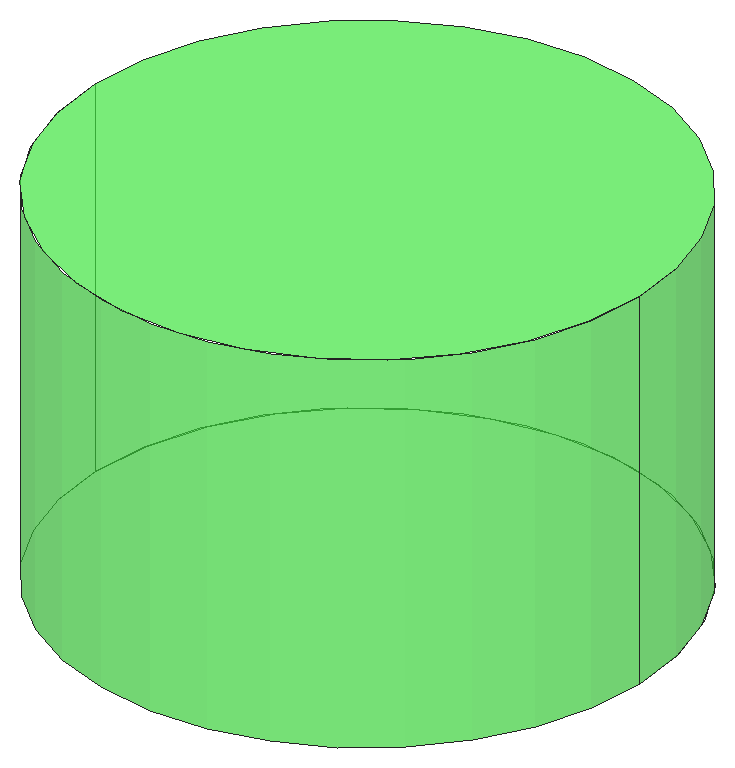
Revit family "貫通部_丸形", category Generic Models, host Face, Revit 2023
Family settings
  Host = Face
  Can host rebar = No
  Round Connector Dimension = Use Diameter
  Part Type = Normal
  Cut with Voids When Loaded = Yes
  Maintain Annotation Orientation = No
  Shared = No
  Room Calculation Point = No
Parameters
  高さ [instance] = 300 mm
  Default Elevation = 1219.2 mm
  寸法 [instance] = 10 mm
  半径 [instance] = 250 mm
Reference planes
  plane 1 "中心(正面/背面)": y = 0
  plane 2: z = 0
  plane 3 "中心(左/右)": x = 0
  plane 4: z = -300
Forms (mm)
  Extrusion 1, void
    sketch origin (0, 0, 0) x (1, 0, 0) y (0, 1, 0)
      loop
        circle (0, 0) r 250
    from -310 to 10
  Extrusion 2, solid, material "既定「新規マテリアル」"
    sketch origin (0, 0, 0) x (1, 0, 0) y (0, 1, 0)
      loop
        circle (0, 0) r 250
    from -310 to 10
Dimensions and locks
  "高さ": level to plane 4
  "寸法": Extrusion 2 to level
  "寸法": plane 4 to Extrusion 2
  "半径": radius of Extrusion 1 sketch curve
  "半径": radius of Extrusion 2 sketch curve
  aligned and locked: plane 2 to host face
  aligned and locked: level to host face
  aligned and locked: Extrusion 1 to Extrusion 2  (x2)
Automatic sketch dimensions
  host sketch curve to host sketch curve = 2438.4 mm  (x2)
  plane 1 "中心(正面/背面)" to Extrusion 1 sketch curve = 0 mm
  Extrusion 1 sketch curve to plane 3 "中心(左/右)" = 0 mm
  plane 1 "中心(正面/背面)" to Extrusion 2 sketch curve = 0 mm
  Extrusion 2 sketch curve to plane 3 "中心(左/右)" = 0 mm
